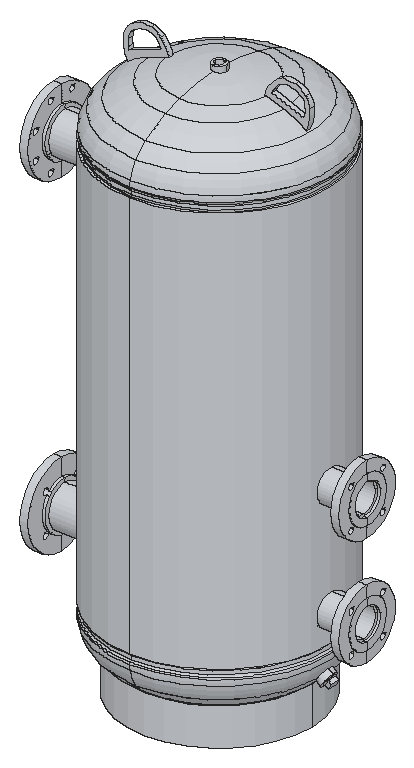
Revit family "HBT-120-34", category Generic Models, Revit 2014
Parameters (values of type "HBT-120-34")
  URL = "http://westank.com/"
  Tank Volume = 120.0 gal
  Part Number = 55641234
  Model = "HBT-120-34"
  Maximum Shipping Weight = 255 lbf
  G = 12"
  B = 4"
  Description = "Wessels ASME 4-port primary-secondary Hot Water Buffer Tanks (HBT) are designed for use with today’s high efficiency systems that incorporate small modular low-mass boilers."
  D = 60"
  C = 24"
  E = 48"
  F = 24"
  A = 3"
Reference planes (in)
  plane 1 "Center (Front/Back)": y = 0
  plane 2: z = 0
  plane 3 "Center (Left/Right)": x = 0
  plane 4: through (12.55282, -180, 5.24135) normal (0.8192, 0, -0.5736)
  plane 5: z = 0
  plane 6: x = -0.0258
  plane 7: x = -12
  plane 8: x = 12
  plane 9: z = 60
  plane 10: z = 12
  plane 11: z = 24
  plane 12: z = 48
  plane 13: y = 12
  plane 14: y = -12
Forms (in)
  Revolve 1, solid
    sketch origin (0, -0.02461, 0) x (0, 1, 0) y (0, 0, 1)
      loop
        line (-11.72943, 8.77243) -> (-11.78566, 8.52884) -> (-11.78566, 8.13478)
        arc (-11.78566, 8.13478) -> (-11.81912, 8.00062) -> (-11.91164, 7.89786) r 0.28578
        arc (-11.91164, 7.89786) -> (-11.95692, 7.81968) -> (-11.97558, 7.73128) r 0.28631
        arc (-11.97558, 7.73128) -> (-11.97245, 7.42046) -> (-11.93229, 7.11223) r 2.60351
        arc (-11.93229, 7.11223) -> (-11.64697, 6.20299) -> (-11.16219, 5.38255) r 4.15957
        arc (-11.16219, 5.38255) -> (-10.55779, 4.71313) -> (-9.84784, 4.1569) r 5.25551
        arc (-9.84784, 4.1569) -> (-8.58434, 3.33811) -> (-7.19899, 2.74848) r 8.73435
        arc (-7.19899, 2.74848) -> (-6.25875, 2.4064) -> (-5.29808, 2.12676) r 15.23806
        arc (-5.29808, 2.12676) -> (-2.65772, 1.62908) -> (0.02461, 1.47321) r 20.96361
        line (0.02461, 1.47321) -> (0.02461, 1.61775)
        arc (0.02461, 1.61775) -> (-2.63967, 1.77249) -> (-5.26227, 2.26678) r 20.81908
        arc (-5.26227, 2.26678) -> (-6.21608, 2.54451) -> (-7.14956, 2.88438) r 15.09353
        arc (-7.14956, 2.88438) -> (-8.51704, 3.46602) -> (-9.7638, 4.27464) r 8.58982
        arc (-9.7638, 4.27464) -> (-10.45704, 4.8168) -> (-11.047, 5.46985) r 5.11098
        arc (-11.047, 5.46985) -> (-11.51493, 6.26178) -> (-11.79034, 7.13942) r 4.01504
        arc (-11.79034, 7.13942) -> (-11.82827, 7.43054) -> (-11.83123, 7.72411) r 2.45898
        arc (-11.83123, 7.72411) -> (-11.82458, 7.76052) -> (-11.80874, 7.79397) r 0.14178
        arc (-11.80874, 7.79397) -> (-11.69341, 7.92922) -> (-11.64258, 8.09956) r 0.43032
        line (-11.64258, 8.09956) -> (-11.64258, 8.4958) -> (-11.58634, 8.7394) -> (-11.58634, 8.83017) -> (-11.83231, 8.83017) -> (-11.83231, 52.67703) -> (-11.58634, 52.67703) -> (-11.58634, 52.73382) -> (-11.64258, 52.97741) -> (-11.64258, 53.37366)
        arc (-11.64258, 53.37366) -> (-11.69341, 53.54399) -> (-11.80874, 53.67925) r 0.43032
        arc (-11.80874, 53.67925) -> (-11.82458, 53.7127) -> (-11.83123, 53.7491) r 0.14178
        arc (-11.83123, 53.7491) -> (-11.82827, 54.04267) -> (-11.79034, 54.33379) r 2.45898
        arc (-11.79034, 54.33379) -> (-11.51493, 55.21144) -> (-11.047, 56.00337) r 4.01504
        arc (-11.047, 56.00337) -> (-10.45704, 56.65641) -> (-9.7638, 57.19857) r 5.11098
        arc (-9.7638, 57.19857) -> (-8.51704, 58.00719) -> (-7.14956, 58.58883) r 8.58982
        arc (-7.14956, 58.58883) -> (-6.21608, 58.9287) -> (-5.26227, 59.20643) r 15.09353
        arc (-5.26227, 59.20643) -> (-2.63967, 59.70073) -> (0.02461, 59.85547) r 20.81908
        line (0.02461, 59.85547) -> (0.02461, 60)
        arc (0.02461, 60) -> (-2.65772, 59.84413) -> (-5.29808, 59.34646) r 20.96361
        arc (-5.29808, 59.34646) -> (-6.25875, 59.06681) -> (-7.19899, 58.72473) r 15.23806
        arc (-7.19899, 58.72473) -> (-8.58434, 58.1351) -> (-9.84784, 57.31632) r 8.73435
        arc (-9.84784, 57.31632) -> (-10.55779, 56.76009) -> (-11.16219, 56.09066) r 5.25551
        arc (-11.16219, 56.09066) -> (-11.64697, 55.27022) -> (-11.93229, 54.36098) r 4.15957
        arc (-11.93229, 54.36098) -> (-11.97245, 54.05275) -> (-11.97558, 53.74193) r 2.60351
        arc (-11.97558, 53.74193) -> (-11.95692, 53.65354) -> (-11.91164, 53.57536) r 0.28631
        arc (-11.91164, 53.57536) -> (-11.81912, 53.4726) -> (-11.78566, 53.33843) r 0.28578
        line (-11.78566, 53.33843) -> (-11.78566, 52.94437) -> (-11.73727, 52.73477) -> (-11.97539, 52.73477) -> (-11.97539, 8.77243) -> (-11.72943, 8.77243)
      axis (0.02461, 1.47321) -> (0.02461, 60)
    angle from 0 to 360
  Revolve 2, solid
    sketch origin (-13.31312, 0, -17.60969) x (0.999996, 0, -0.002792) y (0.002792, 0, 0.999996)
      loop
        line (24.95603, 23.79747) -> (24.90436, 23.83351) -> (24.49286, 23.24353) -> (25.10843, 22.81419) -> (25.48438, 23.35322) -> (25.43312, 23.38897) -> (25.55755, 23.56737) -> (25.04492, 23.92491) -> (24.95603, 23.79747)
      axis (24.49286, 23.24353) -> (25.10843, 22.81419)
    angle from 0 to 360
  Extrusion 3, solid
    sketch origin (11.29211, -180, 6.1145) x (0.574357, 0, 0.818605) y (0, -1, 0)
      loop
        line (-0.16036, -179.52645) -> (-0.95521, -179.68698) -> (-0.79485, -180.48095) -> (0, -180.32042) -> (-0.16036, -179.52645)
    from 1.02698 to 1.52678
  Extrusion 4, solid
    sketch origin (0, 0, 0) x (1, 0, 0) y (0, 1, 0)
      loop
        circle (0, 0) r 0.75
      loop
        circle (0, 0) r 0.5
    from 59.84944 to 60.51895
  Extrusion 5, void
    sketch origin (0, 0, 0) x (1, 0, 0) y (0, 1, 0)
      loop
        circle (0, 0) r 0.5
    from 55.71073 to 62.35572
  Revolve 6, solid
    sketch origin (0, 0, 0) x (1, 0, 0) y (0, 0, 1)
      loop
        line (9.87341, 4.12139) -> (9.87341, 0) -> (9.99844, 0) -> (9.99844, 4.12139) -> (9.87341, 4.12139)
      axis (0, 4.12139) -> (0, 0)
    angle from 0 to 360
  Extrusion 7, void
    sketch origin (0, 0, 0.25) x (0, 1, 0) y (0, 0, 1)
      loop
        circle (0, 23.7482) r 1.53402
    from 8.71275 to 17.27456
  Revolve 8, solid
    sketch origin (-3.00177, 0, 1.25063) x (-1, 0, 0) y (0, 0, 1)
      loop
        line (13.62468, 8.49841) -> (13.62468, 8.09374) -> (13.99968, 8.09374) -> (13.99968, 6.24911) -> (14.87468, 6.24911) -> (14.87468, 7.65581) -> (14.93718, 7.65581) -> (14.93718, 8.49841) -> (13.62468, 8.49841)
      axis (14.93718, 10.74756) -> (13.62468, 10.74756)
    angle from 0 to 360
  Revolve 9, solid
    sketch origin (-3.60333, 0, 1.22133) x (1, 0, 0) y (0, 0, 1)
      loop
        line (-13.96062, 8.76666) -> (-13.96062, 8.52784) -> (-7.46062, 8.52784) -> (-7.46062, 8.76666) -> (-13.96062, 8.76666)
      axis (-13.96062, 10.77686) -> (-7.46062, 10.77686)
    angle from 0 to 360
  Extrusion 10, void
    sketch origin (0, 0, 0) x (0, 1, 0) y (0, 0, 1)
      loop
        circle (2.14269, 26.08378) r 0.37667
      loop
        circle (2.10148, 21.85286) r 0.37667
      loop
        circle (-2.14269, 26.12499) r 0.37667
      loop
        circle (-2.15642, 21.89407) r 0.37667
    from 13.68813 to 17.55318
  Revolve 11, solid
    sketch origin (3.00177, 0, 1.25063) x (1, 0, 0) y (0, 0, 1)
      loop
        line (11.74708, 20.99906) -> (11.74708, 20.6226) -> (11.99716, 20.6226) -> (11.99716, 18.99765) -> (12.87216, 18.99765) -> (12.87216, 20.24765) -> (12.93466, 20.24765) -> (12.93466, 20.99906) -> (11.74708, 20.99906)
      axis (12.93466, 22.74756) -> (11.74708, 22.74756)
    angle from 0 to 360
  Revolve 12, solid
    sketch origin (3.60333, 0, 1.22133) x (-1, 0, 0) y (0, 0, 1)
      loop
        line (-11.9581, 21.24284) -> (-11.9581, 21.02686) -> (-7.8331, 21.02686) -> (-7.8331, 21.24284) -> (-11.9581, 21.24284)
      axis (-11.9581, 22.77686) -> (-7.8331, 22.77686)
    angle from 0 to 360
  Extrusion 13, void
    sketch origin (0, 0, 0) x (0, 1, 0) y (0, 0, 1)
      loop
        circle (2.1141, 14.11626) r 0.39832
      loop
        circle (-2.1141, 14.11626) r 0.39832
      loop
        circle (2.1141, 9.86626) r 0.39832
      loop
        circle (-2.1141, 9.86626) r 0.39832
    from -19.2176 to -16.27861
  Revolve 14, solid
    sketch origin (3.00177, 0, 1.25063) x (1, 0, 0) y (0, 0, 1)
      loop
        line (11.7503, 9.00108) -> (11.7503, 8.62256) -> (11.99712, 8.62256) -> (11.99712, 6.99756) -> (12.8753, 6.99756) -> (12.8753, 8.24732) -> (12.9378, 8.24732) -> (12.9378, 9.00108) -> (11.7503, 9.00108)
      axis (12.9378, 10.74756) -> (11.7503, 10.74756)
    angle from 0 to 360
  Revolve 15, solid
    sketch origin (3.60333, 0, 1.22133) x (-1, 0, 0) y (0, 0, 1)
      loop
        line (-11.96124, 9.24218) -> (-11.96124, 9.02784) -> (-7.83624, 9.02784) -> (-7.83624, 9.24218) -> (-11.96124, 9.24218)
      axis (-11.96124, 10.77686) -> (-7.83624, 10.77686)
    angle from 0 to 360
  Extrusion 16, void
    sketch origin (0, 0, 0) x (0, 1, 0) y (0, 0, -1)
      loop
        circle (2.1141, -14.11626) r 0.39832
      loop
        circle (-2.1141, -14.11626) r 0.39832
      loop
        circle (2.1141, -9.86626) r 0.39832
      loop
        circle (-2.1141, -9.86626) r 0.39832
    from -17.52078 to -13.50229
  Revolve 17, solid
    sketch origin (-3.00177, 0, 37.25063) x (-1, 0, 0) y (0, 0, 1)
      loop
        line (13.62468, 8.49841) -> (13.62468, 8.09374) -> (13.99968, 8.09374) -> (13.99968, 6.24911) -> (14.87468, 6.24911) -> (14.87468, 7.65581) -> (14.93718, 7.65581) -> (14.93718, 8.49841) -> (13.62468, 8.49841)
      axis (14.93718, 10.74756) -> (13.62468, 10.74756)
    angle from 0 to 360
  Revolve 18, solid
    sketch origin (-3.60333, 0, 37.22133) x (1, 0, 0) y (0, 0, 1)
      loop
        line (-13.96062, 8.76666) -> (-13.96062, 8.52784) -> (-7.46062, 8.52784) -> (-7.46062, 8.76666) -> (-13.96062, 8.76666)
      axis (-13.96062, 10.77686) -> (-7.46062, 10.77686)
    angle from 0 to 360
  Extrusion 19, void
    sketch origin (0, 0, 36) x (0, 1, 0) y (0, 0, 1)
      loop
        circle (1.42385, 15.46044) r 0.39832
      loop
        circle (-1.46018, 15.4786) r 0.39832
      loop
        circle (3.49461, 13.37203) r 0.39832
      loop
        circle (-3.47645, 13.42652) r 0.39832
      loop
        circle (1.42385, 8.53956) r 0.39832
      loop
        circle (-1.46018, 8.5214) r 0.39832
      loop
        circle (3.49461, 10.62797) r 0.39832
      loop
        circle (-3.47645, 10.57348) r 0.39832
    from -18.99952 to -15.62228
  Extrusion 20, solid
    sketch origin (-25.94969, -0.08071, 39.84854) x (0.34202, 0, -0.939693) y (0.939693, 0, 0.34202)
      loop
        arc (-11.9298, 25.67102) -> (-12.15596, 25.63246) -> (-12.38023, 25.58408) r 5.2625
        arc (-12.38023, 25.58408) -> (-12.78497, 25.45482) -> (-13.16591, 25.26664) r 2.84116
        arc (-13.16591, 25.26664) -> (-13.45733, 25.04186) -> (-13.68503, 24.75271) r 1.49558
        arc (-13.68503, 24.75271) -> (-13.8, 24.46408) -> (-13.86349, 24.15994) r 1.7957
        arc (-13.86349, 24.15994) -> (-13.88475, 23.80361) -> (-13.86349, 23.44728) r 2.99674
        arc (-13.86349, 23.44728) -> (-13.79114, 23.11862) -> (-13.65649, 22.81019) r 1.72881
        arc (-13.65649, 22.81019) -> (-13.39922, 22.48527) -> (-13.05253, 22.25816) r 1.29608
        arc (-13.05253, 22.25816) -> (-12.66159, 22.07193) -> (-12.239, 21.97739) r 1.9331
        arc (-12.239, 21.97739) -> (-12.08496, 21.94521) -> (-11.9298, 21.91889) r 4.14312
        line (-11.9298, 21.91889) -> (-11.9298, 25.67102)
      loop
        line (-10.9298, 21.34797) -> (-10.9298, 26.14148)
        arc (-10.9298, 26.14148) -> (-11.99706, 26.18465) -> (-13.02719, 25.90227) r 3.48194
        arc (-13.02719, 25.90227) -> (-13.54727, 25.6041) -> (-13.99851, 25.20943) r 3.03185
        arc (-13.99851, 25.20943) -> (-14.28248, 24.55653) -> (-14.39992, 23.8543) r 2.91879
        arc (-14.39992, 23.8543) -> (-14.3348, 23.1787) -> (-14.08611, 22.54717) r 2.44012
        arc (-14.08611, 22.54717) -> (-13.716, 22.08641) -> (-13.21844, 21.76749) r 1.83162
        arc (-13.21844, 21.76749) -> (-12.09799, 21.42749) -> (-10.9298, 21.34797) r 5.1769
    from -0.24366 to 0.25634
  Extrusion 21, solid
    sketch origin (25.94969, -0.08071, 39.84854) x (-0.34202, 0, -0.939693) y (0.939693, 0, -0.34202)
      loop
        line (-11.9298, -25.67102) -> (-11.9298, -21.91889)
        arc (-11.9298, -21.91889) -> (-12.08496, -21.94521) -> (-12.239, -21.97739) r 4.14312
        arc (-12.239, -21.97739) -> (-12.66159, -22.07193) -> (-13.05253, -22.25816) r 1.9331
        arc (-13.05253, -22.25816) -> (-13.39922, -22.48527) -> (-13.65649, -22.81019) r 1.29608
        arc (-13.65649, -22.81019) -> (-13.79114, -23.11862) -> (-13.86349, -23.44728) r 1.72881
        arc (-13.86349, -23.44728) -> (-13.88475, -23.80361) -> (-13.86349, -24.15994) r 2.99674
        arc (-13.86349, -24.15994) -> (-13.8, -24.46408) -> (-13.68503, -24.75271) r 1.7957
        arc (-13.68503, -24.75271) -> (-13.45733, -25.04186) -> (-13.16591, -25.26664) r 1.49558
        arc (-13.16591, -25.26664) -> (-12.78497, -25.45482) -> (-12.38023, -25.58408) r 2.84116
        arc (-12.38023, -25.58408) -> (-12.15596, -25.63246) -> (-11.9298, -25.67102) r 5.2625
      loop
        arc (-10.9298, -21.34797) -> (-12.09799, -21.42749) -> (-13.21844, -21.76749) r 5.1769
        arc (-13.21844, -21.76749) -> (-13.716, -22.08641) -> (-14.08611, -22.54717) r 1.83162
        arc (-14.08611, -22.54717) -> (-14.3348, -23.1787) -> (-14.39992, -23.8543) r 2.44012
        arc (-14.39992, -23.8543) -> (-14.28248, -24.55653) -> (-13.99851, -25.20943) r 2.91879
        arc (-13.99851, -25.20943) -> (-13.54727, -25.6041) -> (-13.02719, -25.90227) r 3.03185
        arc (-13.02719, -25.90227) -> (-11.99706, -26.18465) -> (-10.9298, -26.14148) r 3.48194
        line (-10.9298, -26.14148) -> (-10.9298, -21.34797)
    from -0.24366 to 0.25634
  Extrusion 22, void
    sketch origin (0, 0, 0) x (0, 1, 0) y (0, 0, 1)
      loop
        circle (0, 47.9982) r 2.0102
    from -21.39688 to -4.24558
  Extrusion 23, void
    sketch origin (0, 0, -36) x (0, 1, 0) y (0, 0, 1)
      loop
        circle (0, 47.9982) r 2.0102
    from -21.39688 to -4.24558
  Extrusion 24, void
    sketch origin (0, 0, -11.75098) x (0, 1, 0) y (0, 0, 1)
      loop
        circle (0, 23.7482) r 1.53402
    from 8.71275 to 17.27456
Cuts and joins
  joined: Extrusion 3, Extrusion 4, Revolve 6
  Extrusion 5, Extrusion 7, Extrusion 13, Extrusion 22, Extrusion 23, Extrusion 24 cuts Revolve 1
  Extrusion 10, Extrusion 13, Extrusion 16, Extrusion 19 cuts Revolve 8
  Extrusion 10 cuts Revolve 11
  Extrusion 16 cuts Revolve 14
  Extrusion 19 cuts Revolve 17
  Extrusion 23 cuts Revolve 18
  Extrusion 24 cuts Revolve 12
Dimensions and locks (in)
  "D": plane 9 to level
  "C": plane 8 to plane 7
  "G": plane 10 to level
  "F": plane 11 to level
  "E": plane 12 to level
  aligned and locked: plane 2 to level
Automatic sketch dimensions
  Revolve 1 sketch curve to Revolve 1 sketch curve = 0"  (x44)
  Revolve 1 sketch curve to plane 14 = 0"
  Revolve 1 sketch curve to plane 1 "Center (Front/Back)" = 0"  (x3)
  plane 14 to Revolve 1 sketch curve = 0.09606"  (x2)
  Revolve 1 sketch curve to plane 14 = 0.14309"
  Revolve 1 sketch curve to plane 14 = 0.18973"  (x2)
  Revolve 1 sketch curve to Revolve 1 sketch curve = 0.09503"
  Revolve 1 sketch curve to Revolve 1 sketch curve = 0.10288"
  Revolve 1 sketch curve to plane 14 = 0.28577"  (x2)
  Revolve 1 sketch curve to Revolve 1 sketch curve = 0.14309"  (x3)
  Revolve 1 sketch curve to Revolve 1 sketch curve = 0.15093"
  Revolve 1 sketch curve to Revolve 1 sketch curve = 2.31434"  (x2)
  Revolve 1 sketch curve to Revolve 1 sketch curve = 1.52828"  (x2)
  Revolve 1 sketch curve to Revolve 1 sketch curve = 0.87346"  (x2)
  Revolve 1 sketch curve to plane 10 = 0.94992"
  Revolve 1 sketch curve to Revolve 1 sketch curve = 2.48973"  (x2)
  plane 1 "Center (Front/Back)" to Revolve 1 sketch curve = 1.54641"  (x2)
  plane 1 "Center (Front/Back)" to Revolve 1 sketch curve = 0.12751"  (x2)
  Revolve 1 sketch curve to plane 10 = 3.16983"
  Revolve 1 sketch curve to Revolve 1 sketch curve = 0.05774"  (x2)
  Revolve 1 sketch curve to Revolve 1 sketch curve = 0.09077"
  Revolve 1 sketch curve to plane 10 = 3.44323"
  Revolve 1 sketch curve to Revolve 1 sketch curve = 0.24359"
  Revolve 1 sketch curve to Revolve 1 sketch curve = 0.03303"  (x2)
  Revolve 1 sketch curve to Revolve 1 sketch curve = 0.39406"  (x2)
  Revolve 1 sketch curve to Revolve 1 sketch curve = 0.03523"  (x2)
  Revolve 1 sketch curve to Revolve 1 sketch curve = 0.66192"  (x2)
  Revolve 1 sketch curve to Revolve 1 sketch curve = 0.38248"  (x2)
  Revolve 1 sketch curve to Revolve 1 sketch curve = 0.29277"  (x2)
  level to Revolve 1 sketch curve = 1.61775"
  Revolve 1 sketch curve to Revolve 1 sketch curve = 37/256"
  plane 10 to Revolve 1 sketch curve = 4.88948"
  Revolve 1 sketch curve to plane 11 = 1.56356"
  Revolve 1 sketch curve to plane 12 = 8.96323"
  Revolve 1 sketch curve to plane 12 = 3.41627"
  plane 12 to Revolve 1 sketch curve = 2.42313"
  plane 12 to Revolve 1 sketch curve = 4.67703"
  Revolve 1 sketch curve to Revolve 1 sketch curve = 0.05679"
  Revolve 1 sketch curve to Revolve 1 sketch curve = 2.49332"
  Revolve 1 sketch curve to Revolve 1 sketch curve = 0.2096"
  Revolve 1 sketch curve to plane 9 = 37/256"
  plane 9 to Revolve 1 sketch curve = 0"
  plane 14 to Revolve 1 sketch curve = 0.00019"  (x2)
  Revolve 1 sketch curve to Revolve 1 sketch curve = 0.14161"  (x2)
  Revolve 1 sketch curve to Revolve 1 sketch curve = 1.19916"  (x2)
  Revolve 1 sketch curve to Revolve 1 sketch curve = 0.08403"  (x2)
  Revolve 1 sketch curve to Revolve 1 sketch curve = 1.93673"
  Revolve 1 sketch curve to plane 9 = 1.27527"
  Revolve 1 sketch curve to Revolve 1 sketch curve = 0.04943"  (x2)
  plane 11 to Revolve 1 sketch curve = 4.89308"
  Revolve 1 sketch curve to Revolve 1 sketch curve = 3 3/4"
  Revolve 2 sketch curve to plane 8 = 0.75545"
  Revolve 2 sketch curve to plane 4 = 1.2575"
  Revolve 2 sketch curve to Revolve 2 sketch curve = 0.4115"
  Revolve 2 sketch curve to Revolve 2 sketch curve = 0.05167"
  Revolve 2 sketch curve to Revolve 2 sketch curve = 0.08888"
  Revolve 2 sketch curve to Revolve 2 sketch curve = 0.61556"
  Revolve 2 sketch curve to Revolve 2 sketch curve = 0.47709"
  Revolve 2 sketch curve to Revolve 2 sketch curve = 0.05126"
  Revolve 2 sketch curve to Revolve 2 sketch curve = 0.42934"
  Revolve 2 sketch curve to Revolve 2 sketch curve = 0.12768"
  Revolve 2 sketch curve to Revolve 2 sketch curve = 0"  (x2)
  Revolve 2 sketch curve to Revolve 2 sketch curve = 0.08905"
  plane 1 "Center (Front/Back)" to Extrusion 3 sketch curve = 0.31302"
  Extrusion 3 sketch curve to plane 1 "Center (Front/Back)" = 0.48095"
  Extrusion 3 sketch curve to Extrusion 3 sketch curve = 0.16036"  (x2)
  plane 1 "Center (Front/Back)" to Extrusion 3 sketch curve = 0.47355"
  Extrusion 3 sketch curve to Extrusion 3 sketch curve = 0.79485"
  Extrusion 3 sketch curve to plane 1 "Center (Front/Back)" = 0.32042"
  Extrusion 4 sketch curve to Extrusion 4 sketch curve = 0"  (x2)
  plane 1 "Center (Front/Back)" to Extrusion 4 sketch curve = 0"
  Extrusion 4 sketch curve to plane 3 "Center (Left/Right)" = 0"
  Extrusion 5 sketch curve to Extrusion 5 sketch curve = 0"  (x2)
  plane 1 "Center (Front/Back)" to Extrusion 5 sketch curve = 0"
  Extrusion 5 sketch curve to plane 3 "Center (Left/Right)" = 0"
  plane 6 to Extrusion 5 sketch curve = 0.4742"
  Revolve 6 sketch curve to plane 3 "Center (Left/Right)" = 0"
  Revolve 6 sketch curve to level = 0"
  Revolve 6 sketch curve to plane 8 = 2.12659"
  Revolve 6 sketch curve to Revolve 6 sketch curve = 0.12503"
  level to Revolve 6 sketch curve = 4.12139"
  level to Revolve 6 sketch curve = 4.69941"
  Revolve 6 sketch curve to Revolve 6 sketch curve = 1"
  Extrusion 7 sketch curve to Extrusion 7 sketch curve = 0"  (x2)
  Extrusion 7 sketch curve to plane 1 "Center (Front/Back)" = 0"
  Extrusion 7 sketch curve to plane 11 = 0.0018"
  Extrusion 7 sketch curve to Extrusion 7 sketch curve = 1.53402"
  plane 7 to Revolve 8 sketch curve = 4.62645"
  Revolve 8 sketch curve to Revolve 8 sketch curve = 3/8"
  Revolve 8 sketch curve to Revolve 8 sketch curve = 7/8"
  Revolve 8 sketch curve to Revolve 8 sketch curve = 1/16"
  plane 10 to Revolve 8 sketch curve = 4.50025"
  Revolve 8 sketch curve to Revolve 8 sketch curve = 1.4067"
  Revolve 8 sketch curve to Revolve 8 sketch curve = 0.43793"
  Revolve 8 sketch curve to Revolve 8 sketch curve = 0.40467"
  plane 10 to Revolve 8 sketch curve = 0.0018"
  Revolve 8 sketch curve to plane 7 = 0.56043"
  Revolve 8 sketch curve to Revolve 8 sketch curve = 0.68278"
  Revolve 9 sketch curve to plane 10 = 2.25083"
  Revolve 9 sketch curve to plane 7 = 5.56395"
  plane 7 to Revolve 9 sketch curve = 0.93605"
  Revolve 9 sketch curve to Revolve 9 sketch curve = 0.23882"
  Revolve 9 sketch curve to plane 10 = 0.0018"
  plane 7 to Revolve 9 sketch curve = 0.56043"
  Revolve 9 sketch curve to Revolve 9 sketch curve = 0.36015"
  plane 1 "Center (Front/Back)" to Extrusion 10 sketch curve = 2.15642"
  plane 1 "Center (Front/Back)" to Extrusion 10 sketch curve = 2.14269"
  Extrusion 10 sketch curve to plane 1 "Center (Front/Back)" = 2.10148"
  Extrusion 10 sketch curve to plane 1 "Center (Front/Back)" = 2.14269"
  Extrusion 10 sketch curve to plane 11 = 2.14714"
  Extrusion 10 sketch curve to plane 11 = 2.10593"
  plane 11 to Extrusion 10 sketch curve = 2.08378"
  plane 11 to Extrusion 10 sketch curve = 2 1/8"
  plane 8 to Revolve 11 sketch curve = 2.74885"
  Revolve 11 sketch curve to Revolve 11 sketch curve = 0.25008"
  Revolve 11 sketch curve to Revolve 11 sketch curve = 7/8"
  Revolve 11 sketch curve to Revolve 11 sketch curve = 1/16"
  Revolve 11 sketch curve to plane 11 = 3.75171"
  Revolve 11 sketch curve to Revolve 11 sketch curve = 1 1/4"
  Revolve 11 sketch curve to Revolve 11 sketch curve = 0.37494"
  Revolve 11 sketch curve to Revolve 11 sketch curve = 0.37647"
  Revolve 11 sketch curve to plane 11 = 0.0018"
  Revolve 11 sketch curve to plane 8 = 0.56357"
  Revolve 11 sketch curve to Revolve 11 sketch curve = 0.68278"
  plane 11 to Revolve 12 sketch curve = 1.75181"
  Revolve 12 sketch curve to plane 8 = 3.56143"
  plane 8 to Revolve 12 sketch curve = 0.56357"  (x2)
  Revolve 12 sketch curve to Revolve 12 sketch curve = 0.21598"
  plane 11 to Revolve 12 sketch curve = 0.0018"
  Revolve 12 sketch curve to Revolve 12 sketch curve = 0.36015"
  Extrusion 13 sketch curve to Extrusion 13 sketch curve = 0"  (x8)
  plane 1 "Center (Front/Back)" to Extrusion 13 sketch curve = 2.1141"  (x2)
  Extrusion 13 sketch curve to plane 1 "Center (Front/Back)" = 2.1141"  (x2)
  Extrusion 13 sketch curve to plane 10 = 2.13374"  (x2)
  plane 10 to Extrusion 13 sketch curve = 2.11626"  (x2)
  Extrusion 13 sketch curve to Extrusion 13 sketch curve = 0.39832"  (x4)
  plane 8 to Revolve 14 sketch curve = 2.75207"
  Revolve 14 sketch curve to Revolve 14 sketch curve = 0.24683"
  Revolve 14 sketch curve to Revolve 14 sketch curve = 0.87817"
  Revolve 14 sketch curve to Revolve 14 sketch curve = 1/16"
  Revolve 14 sketch curve to plane 10 = 3.75181"
  Revolve 14 sketch curve to Revolve 14 sketch curve = 1.24976"
  Revolve 14 sketch curve to Revolve 14 sketch curve = 0.37525"
  Revolve 14 sketch curve to Revolve 14 sketch curve = 0.37852"
  Revolve 14 sketch curve to plane 10 = 0.0018"
  Revolve 14 sketch curve to plane 8 = 0.56043"
  Revolve 14 sketch curve to Revolve 14 sketch curve = 0.68278"
  plane 10 to Revolve 15 sketch curve = 1.75083"
  Revolve 15 sketch curve to plane 8 = 3.56457"
  plane 8 to Revolve 15 sketch curve = 0.56043"  (x2)
  Revolve 15 sketch curve to Revolve 15 sketch curve = 0.21435"
  plane 10 to Revolve 15 sketch curve = 0.0018"
  Revolve 15 sketch curve to Revolve 15 sketch curve = 0.36015"
  Extrusion 16 sketch curve to Extrusion 16 sketch curve = 0"  (x8)
  plane 1 "Center (Front/Back)" to Extrusion 16 sketch curve = 2.1141"  (x2)
  Extrusion 16 sketch curve to plane 1 "Center (Front/Back)" = 2.1141"  (x2)
  plane 10 to Extrusion 16 sketch curve = 2.11626"  (x2)
  Extrusion 16 sketch curve to plane 10 = 2.13374"  (x2)
  Extrusion 16 sketch curve to Extrusion 16 sketch curve = 0.39832"  (x4)
  plane 7 to Revolve 17 sketch curve = 4.62645"
  Revolve 17 sketch curve to Revolve 17 sketch curve = 3/8"
  Revolve 17 sketch curve to Revolve 17 sketch curve = 7/8"
  Revolve 17 sketch curve to Revolve 17 sketch curve = 1/16"
  plane 12 to Revolve 17 sketch curve = 4.50025"
  Revolve 17 sketch curve to Revolve 17 sketch curve = 1.4067"
  Revolve 17 sketch curve to Revolve 17 sketch curve = 0.43793"
  Revolve 17 sketch curve to Revolve 17 sketch curve = 0.40467"
  plane 12 to Revolve 17 sketch curve = 0.0018"
  Revolve 17 sketch curve to plane 7 = 0.56043"
  Revolve 17 sketch curve to Revolve 17 sketch curve = 0.68278"
  Revolve 18 sketch curve to plane 12 = 2.25083"
  Revolve 18 sketch curve to plane 7 = 5.56395"
  plane 7 to Revolve 18 sketch curve = 0.93605"
  Revolve 18 sketch curve to Revolve 18 sketch curve = 0.23882"
  Revolve 18 sketch curve to plane 12 = 0.0018"
  plane 7 to Revolve 18 sketch curve = 0.56043"
  Revolve 18 sketch curve to Revolve 18 sketch curve = 0.36015"
  Extrusion 19 sketch curve to Extrusion 19 sketch curve = 0"  (x18)
  Extrusion 19 sketch curve to plane 12 = 1.42652"
  plane 1 "Center (Front/Back)" to Extrusion 19 sketch curve = 3.47645"
  plane 12 to Extrusion 19 sketch curve = 1.42652"
  plane 1 "Center (Front/Back)" to Extrusion 19 sketch curve = 1.46018"  (x2)
  Extrusion 19 sketch curve to plane 1 "Center (Front/Back)" = 1.42385"  (x2)
  plane 12 to Extrusion 19 sketch curve = 1.37203"
  Extrusion 19 sketch curve to Extrusion 19 sketch curve = 2.07077"
  Extrusion 19 sketch curve to plane 12 = 1.37203"
  Extrusion 19 sketch curve to Extrusion 19 sketch curve = 2.08841"  (x2)
  Extrusion 19 sketch curve to Extrusion 19 sketch curve = 0.01816"  (x2)
  Extrusion 19 sketch curve to Extrusion 19 sketch curve = 0.39832"  (x8)
  Extrusion 22 sketch curve to Extrusion 22 sketch curve = 0"  (x2)
  Extrusion 22 sketch curve to plane 1 "Center (Front/Back)" = 0"
  Extrusion 22 sketch curve to plane 12 = 0.0018"
  Extrusion 22 sketch curve to Extrusion 22 sketch curve = 2.0102"
  Extrusion 23 sketch curve to Extrusion 23 sketch curve = 0"  (x2)
  Extrusion 23 sketch curve to plane 1 "Center (Front/Back)" = 0"
  Extrusion 23 sketch curve to plane 10 = 0.0018"
  Extrusion 23 sketch curve to Extrusion 23 sketch curve = 2.0102"
  Extrusion 24 sketch curve to Extrusion 24 sketch curve = 0"  (x2)
  Extrusion 24 sketch curve to plane 1 "Center (Front/Back)" = 0"
  Extrusion 24 sketch curve to plane 10 = 0.00278"
  Extrusion 24 sketch curve to Extrusion 24 sketch curve = 1.53402"
  Extrusion 20 sketch curve to plane 9 = 0.3644"
  plane 7 to Extrusion 20 sketch curve = 3.79479"
  Extrusion 20 sketch curve to Extrusion 20 sketch curve = 0.03301"
  Extrusion 20 sketch curve to Extrusion 20 sketch curve = 0.08665"
  Extrusion 20 sketch curve to Extrusion 20 sketch curve = 0.34483"
  Extrusion 20 sketch curve to Extrusion 20 sketch curve = 17/256"
  Extrusion 20 sketch curve to Extrusion 20 sketch curve = 0.04958"
  Extrusion 20 sketch curve to Extrusion 20 sketch curve = 0.06885"
  Extrusion 20 sketch curve to Extrusion 20 sketch curve = 0.15073"
  Extrusion 20 sketch curve to Extrusion 20 sketch curve = 0.36028"
  Extrusion 20 sketch curve to Extrusion 20 sketch curve = 0.06601"
  Extrusion 20 sketch curve to Extrusion 20 sketch curve = 0.11815"
  Extrusion 20 sketch curve to Extrusion 20 sketch curve = 0.47821"
  Extrusion 20 sketch curve to Extrusion 20 sketch curve = 0.6151"
  Extrusion 20 sketch curve to Extrusion 20 sketch curve = 0.15011"
  Extrusion 20 sketch curve to Extrusion 20 sketch curve = 0.77126"
  Extrusion 20 sketch curve to Extrusion 20 sketch curve = 0.3849"
  Extrusion 20 sketch curve to Extrusion 20 sketch curve = 0.59588"
  Extrusion 20 sketch curve to Extrusion 20 sketch curve = 0.3061"
  Extrusion 20 sketch curve to Extrusion 20 sketch curve = 0.31529"
  Extrusion 20 sketch curve to Extrusion 20 sketch curve = 0.0954"
  Extrusion 20 sketch curve to Extrusion 20 sketch curve = 0.80625"
  Extrusion 20 sketch curve to Extrusion 20 sketch curve = 0.57092"
  Extrusion 20 sketch curve to Extrusion 20 sketch curve = 0.88262"
  Extrusion 20 sketch curve to Extrusion 20 sketch curve = 0.00686"
  Extrusion 20 sketch curve to Extrusion 20 sketch curve = 0.20406"
  Extrusion 20 sketch curve to Extrusion 20 sketch curve = 0.59172"
  Extrusion 20 sketch curve to Extrusion 20 sketch curve = 0.09548"
  Extrusion 20 sketch curve to Extrusion 20 sketch curve = 0.07607"
  Extrusion 20 sketch curve to Extrusion 20 sketch curve = 0.15093"
  Extrusion 20 sketch curve to Extrusion 20 sketch curve = 0.04716"
  Extrusion 20 sketch curve to Extrusion 20 sketch curve = 0.0326"
  Extrusion 20 sketch curve to Extrusion 20 sketch curve = 1.7246"
  Extrusion 20 sketch curve to Extrusion 20 sketch curve = 0.34507"
  Extrusion 20 sketch curve to Extrusion 20 sketch curve = 0.12538"
  Extrusion 20 sketch curve to Extrusion 20 sketch curve = 0.37807"
  Extrusion 20 sketch curve to Extrusion 20 sketch curve = 0"  (x6)
  Extrusion 20 sketch curve to Extrusion 20 sketch curve = 0.1659"
  Extrusion 20 sketch curve to Extrusion 20 sketch curve = 0.13872"
  Extrusion 20 sketch curve to Extrusion 20 sketch curve = 0.42962"
  Extrusion 20 sketch curve to Extrusion 20 sketch curve = 0.51913"
  Extrusion 20 sketch curve to Extrusion 20 sketch curve = 0.31348"
  Extrusion 21 sketch curve to plane 9 = 0.3644"
  Extrusion 21 sketch curve to plane 8 = 3.79479"
  Extrusion 21 sketch curve to Extrusion 21 sketch curve = 0.03301"
  Extrusion 21 sketch curve to Extrusion 21 sketch curve = 0.08665"
  Extrusion 21 sketch curve to Extrusion 21 sketch curve = 0.34483"
  Extrusion 21 sketch curve to Extrusion 21 sketch curve = 17/256"
  Extrusion 21 sketch curve to Extrusion 21 sketch curve = 0.04958"
  Extrusion 21 sketch curve to Extrusion 21 sketch curve = 0.06885"
  Extrusion 21 sketch curve to Extrusion 21 sketch curve = 0.15073"
  Extrusion 21 sketch curve to Extrusion 21 sketch curve = 0.36028"
  Extrusion 21 sketch curve to Extrusion 21 sketch curve = 0.06601"
  Extrusion 21 sketch curve to Extrusion 21 sketch curve = 0.11815"
  Extrusion 21 sketch curve to Extrusion 21 sketch curve = 0.47821"
  Extrusion 21 sketch curve to Extrusion 21 sketch curve = 0.6151"
  Extrusion 21 sketch curve to Extrusion 21 sketch curve = 0.15011"
  Extrusion 21 sketch curve to Extrusion 21 sketch curve = 0.77126"
  Extrusion 21 sketch curve to Extrusion 21 sketch curve = 0.3849"
  Extrusion 21 sketch curve to Extrusion 21 sketch curve = 0.59588"
  Extrusion 21 sketch curve to Extrusion 21 sketch curve = 0.00686"
  Extrusion 21 sketch curve to Extrusion 21 sketch curve = 0.20406"
  Extrusion 21 sketch curve to Extrusion 21 sketch curve = 0.0747"
  Extrusion 21 sketch curve to Extrusion 21 sketch curve = 0.09548"
  Extrusion 21 sketch curve to Extrusion 21 sketch curve = 0.07607"
  Extrusion 21 sketch curve to Extrusion 21 sketch curve = 0.15093"
  Extrusion 21 sketch curve to Extrusion 21 sketch curve = 0.04716"
  Extrusion 21 sketch curve to Extrusion 21 sketch curve = 0.0326"
  Extrusion 21 sketch curve to Extrusion 21 sketch curve = 1.7246"
  Extrusion 21 sketch curve to Extrusion 21 sketch curve = 0.34507"
  Extrusion 21 sketch curve to Extrusion 21 sketch curve = 0.12538"
  Extrusion 21 sketch curve to Extrusion 21 sketch curve = 0.37807"
  Extrusion 21 sketch curve to Extrusion 21 sketch curve = 0.51702"
  Extrusion 21 sketch curve to Extrusion 21 sketch curve = 0.31529"
  Extrusion 21 sketch curve to Extrusion 21 sketch curve = 0.0954"
  Extrusion 21 sketch curve to Extrusion 21 sketch curve = 0.80625"
  Extrusion 21 sketch curve to Extrusion 21 sketch curve = 0.57092"
  Extrusion 21 sketch curve to Extrusion 21 sketch curve = 0.88262"
  Extrusion 21 sketch curve to Extrusion 21 sketch curve = 0"  (x6)
  Extrusion 21 sketch curve to Extrusion 21 sketch curve = 0.1659"
  Extrusion 21 sketch curve to Extrusion 21 sketch curve = 0.13872"
  Extrusion 21 sketch curve to Extrusion 21 sketch curve = 0.42962"
  Extrusion 21 sketch curve to Extrusion 21 sketch curve = 0.51913"
  Extrusion 21 sketch curve to Extrusion 21 sketch curve = 0.31348"
  radius of Extrusion 4 sketch curve = 3/4"
  radius of Extrusion 4 sketch curve = 1/2"
  radius of Extrusion 10 sketch curve = 0.37667"  (x4)
Connectors (in)
  piping at (15.93957, 0, 11.9982), diameter 3, driven by "A"
    settings: on Revolve 14, index 1, connector inside diameter 24", connector length 0", flow factor 0, pipe flow 0 GPM, pressure drop 0.00 psi, fitting loss kfactor 0, connector angle 0.00°, fixture units 0, engagement length 0", angle of deflection 0.00°, flow configuration 0, flow direction 0, fitting loss method 0, system type 7, joint type 0, gender type 0, connector reference index -1, connector utility 0, adjustable connector no, is connector primary yes, connector description ""
  piping at (15.93643, 0, 23.9982), diameter 3, driven by "A"
    settings: on cut or joined group of Extrusion 10, Revolve 11, index 2, connector inside diameter 24", connector length 0", flow factor 0, pipe flow 0 GPM, pressure drop 0.00 psi, fitting loss kfactor 0, connector angle 0.00°, fixture units 0, engagement length 0", angle of deflection 0.00°, flow configuration 0, flow direction 0, fitting loss method 0, system type 7, joint type 0, gender type 0, connector reference index -1, connector utility 0, adjustable connector no, is connector primary no, connector description ""
  piping at (-17.93895, 0, 11.9982), diameter 4, driven by "B"
    settings: on Revolve 8, index 3, connector inside diameter 24", connector length 0", flow factor 0, pipe flow 0 GPM, pressure drop 0.00 psi, fitting loss kfactor 0, connector angle 0.00°, fixture units 0, engagement length 0", angle of deflection 0.00°, flow configuration 0, flow direction 0, fitting loss method 0, system type 7, joint type 0, gender type 0, connector reference index -1, connector utility 0, adjustable connector no, is connector primary no, connector description ""
  piping at (-17.93895, 0, 47.9982), diameter 4, driven by "B"
    settings: on Revolve 17, index 4, connector inside diameter 24", connector length 0", flow factor 0, pipe flow 0 GPM, pressure drop 0.00 psi, fitting loss kfactor 0, connector angle 0.00°, fixture units 0, engagement length 0", angle of deflection 0.00°, flow configuration 0, flow direction 0, fitting loss method 0, system type 7, joint type 0, gender type 0, connector reference index -1, connector utility 0, adjustable connector no, is connector primary no, connector description ""
